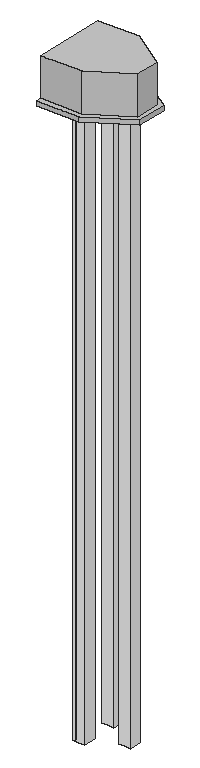
Revit family "BS_FM_Đài Móng - 3 cọc_TamGiac LT", category Structural Foundations, Revit 2019
Family settings
  Material for Model Behavior = Concrete
  Cap = No
  OmniClass Number = 23.25.05.11
  OmniClass Title = Foundation Piles
  Work Plane-Based = No
  Always vertical = Yes
  Cut with Voids When Loaded = No
  Shared = No
Parameters (values of type "1000 x 1000 x 900mm")
  h_BaoVe [instance] = 100 mm
  a3_BaoVe [instance] = 100 mm
  a2_BaoVe [instance] = 100 mm
  a1_BaoVe [instance] = 0 mm
  Y1 = Diameter + 250 mm  # 500 mm
  X1 = Diameter / 2 + 250 mm  # 375 mm
  X2 = (roundup(sqrt(KhoangCach2TimCoc ^ 2 - (KhoangCach2TimCoc / 2) ^ 2) / 10 mm)) * 10 mm  # 650 mm
  X = 600 mm
  Width = X2 + 2 * KhoangCachMepCoc + Diameter  # 1400 mm
  Structural Material [instance] = Concrete, Cast-in-Place gray
  Length = KhoangCach2TimCoc + 2 * KhoangCachMepCoc + Diameter  # 1500 mm
  L1 = X + Diameter  # 850 mm
  KhoangCachMepCoc = 250 mm
  KhoangCach2TimCoc = HeSoCoc * Diameter  # 750 mm
  HeSoCoc = 3
  Foundation Thickness = 800 mm
  Diameter = 250 mm
  Depth = 12000 mm
  Cut-off = 100 mm
  BS_Cọc Vuông = yes
  BS_Cọc Tròn = no
  BS_BeTongMong = @BS-BeTongCotThep
  BS_BeTongLot = @BS-BeTong
  BS_BeTongCoc = Steel, 45-345
  Assembly Code = "A1010130"
Reference planes
  plane 1 "Center (Front/Back)": y = 0
  plane 2: z = 0
  plane 3 "Center (Left/Right)": x = 50
  plane 4: x = -550
  plane 5: x = 300
  plane 6: y = 750
  plane 7: y = -750
  plane 8: z = -800
  plane 9: z = -700
  plane 10: z = -900
  plane 11: y = 375
  plane 12: y = -375
  plane 13 "2": y = 250
  plane 14 "3": y = -250
  plane 15: x = 1075
  plane 16: x = 700
Forms (mm)
  Extrusion 1, solid, material "@BS-BeTongCotThep" <- "BS_BeTongMong"
    sketch origin (0, 0, 0) x (1, 0, 0) y (0, 1, 0)
      loop
        line (-550, 750) -> (-550, -750) -> (300, -750) -> (1075, -250) -> (1075, 250) -> (300, 750) -> (-550, 750)
    from -800 to 0
  Extrusion 2, solid, material "@BS-BeTong" <- "BS_BeTongLot"
    sketch origin (0, 0, 0) x (1, 0, 0) y (0, 1, 0)
      loop
        line (-550, 850) -> (-550, -850) -> (329.459, -850) -> (1175, -304.489) -> (1175, 304.489) -> (329.459, 850) -> (-550, 850)
    from -900 to -800
Dimensions and locks
  "Foundation Thickness": plane 2 to plane 8
  "Cut-off": plane 9 to plane 8
  "a2_BaoVe": plane 7 to Extrusion 2 sketch curve
  "a2_BaoVe": Extrusion 2 sketch curve to plane 6
  "a1_BaoVe": Extrusion 2 sketch curve to plane 4
  "h_BaoVe": plane 10 to plane 8
  "KhoangCach2TimCoc": plane 11 to plane 12
  equal spacing: plane 11, plane 1 "Center (Front/Back)", plane 12
  equal spacing: plane 7, plane 1 "Center (Front/Back)", plane 6
  "Length": plane 6 to plane 7
  equal spacing: plane 14 "3", plane 1 "Center (Front/Back)", plane 13 "2"
  "Y1": plane 14 "3" to plane 13 "2"
  "X1": plane 16 to plane 15
  plane 5 to plane 16 = 400 mm
  "L1": plane 4 to plane 5
  "a3_BaoVe": Extrusion 2 sketch curve to Extrusion 1  (x2)
  "a3_BaoVe": Extrusion 1 to Extrusion 2 sketch curve
  "X2": plane 3 "Center (Left/Right)" to plane 16
  plane 4 to plane 15 = 1625 mm
  "X": plane 4 to plane 3 "Center (Left/Right)"
  aligned and locked: plane 4 to Extrusion 1 sketch curve
  aligned and locked: Extrusion 1 sketch curve to plane 6
  aligned and locked: plane 7 to Extrusion 1 sketch curve
  aligned and locked: level to Extrusion 1
  aligned and locked: Extrusion 1 to plane 8
  aligned and locked: Extrusion 2 to Extrusion 1
  aligned and locked: Extrusion 2 to plane 10
  aligned and locked: plane 15 to Extrusion 1 sketch curve  (x2)
  aligned and locked: plane 13 "2" to Extrusion 1 sketch curve
  aligned and locked: plane 14 "3" to Extrusion 1 sketch curve
  aligned and locked: plane 8 to nested 3
  aligned and locked: plane 8 to nested 2
  aligned and locked: plane 3 "Center (Left/Right)" to nested 2
  aligned and locked: plane 3 "Center (Left/Right)" to nested 1
  aligned and locked: nested 3 to plane 16
  aligned and locked: plane 1 "Center (Front/Back)" to nested 3
  aligned and locked: nested 1 to plane 11
  aligned and locked: nested 4 to plane 11
  aligned and locked: plane 1 "Center (Front/Back)" to nested 6
  aligned and locked: plane 3 "Center (Left/Right)" to nested 4
  aligned and locked: plane 3 "Center (Left/Right)" to nested 5
  aligned and locked: nested 6 to plane 16
  aligned and locked: nested 5 to plane 12
  aligned and locked: nested 2 to plane 12
  aligned and locked: plane 8 to nested 6
  aligned and locked: plane 8 to nested 4
  aligned and locked: plane 8 to nested 1
  aligned and locked: plane 8 to nested 5
Automatic sketch dimensions
  Extrusion 1 sketch curve to plane 5 = 0 mm  (x2)
Nested families
  nested 1: "BS_FM_Pile-Cọc Tròn" at (50, 375, -800), Minimum Embedment <- "Cut-off", Diameter <- "Diameter", Depth <- "Depth", visible <- "BS_Cọc Tròn", Structural Material <- "BS_BeTongCoc", type "300mm Diameter"
    with Structural Material Steel, 45-345, Radius 125 mm, Minimum Embedment 100 mm, Diameter 250 mm, Depth 12000 mm
  nested 2: "BS_FM_Pile-Cọc Tròn" at (50, -375, -800), Minimum Embedment <- "Cut-off", Diameter <- "Diameter", Depth <- "Depth", visible <- "BS_Cọc Tròn", Structural Material <- "BS_BeTongCoc", type "300mm Diameter"
    with Structural Material Steel, 45-345, Radius 125 mm, Minimum Embedment 100 mm, Diameter 250 mm, Depth 12000 mm
  nested 3: "BS_FM_Pile-Cọc Tròn" at (700, 0, -800), Minimum Embedment <- "Cut-off", Diameter <- "Diameter", Depth <- "Depth", visible <- "BS_Cọc Tròn", Structural Material <- "BS_BeTongCoc", type "300mm Diameter"
    with Structural Material Steel, 45-345, Radius 125 mm, Minimum Embedment 100 mm, Diameter 250 mm, Depth 12000 mm
  nested 4: "BS_FM_Pile-Cọc Vuông" at (50, 375, -800), Minimum Embedment <- "Cut-off", Diameter <- "Diameter", Depth <- "Depth", visible <- "BS_Cọc Vuông", Structural Material <- "BS_BeTongCoc", type "300mm Diameter"
    with Structural Material Steel, 45-345, Radius 125 mm, Minimum Embedment 100 mm, Diameter 250 mm, Depth 12000 mm
  nested 5: "BS_FM_Pile-Cọc Vuông" at (50, -375, -800), Minimum Embedment <- "Cut-off", Diameter <- "Diameter", Depth <- "Depth", visible <- "BS_Cọc Vuông", Structural Material <- "BS_BeTongCoc", type "300mm Diameter"
    with Structural Material Steel, 45-345, Radius 125 mm, Minimum Embedment 100 mm, Diameter 250 mm, Depth 12000 mm
  nested 6: "BS_FM_Pile-Cọc Vuông" at (700, 0, -800), Minimum Embedment <- "Cut-off", Diameter <- "Diameter", Depth <- "Depth", visible <- "BS_Cọc Vuông", Structural Material <- "BS_BeTongCoc", type "300mm Diameter"
    with Structural Material Steel, 45-345, Radius 125 mm, Minimum Embedment 100 mm, Diameter 250 mm, Depth 12000 mm
Definition of nested family "BS_FM_Pile-Cọc Tròn"
  Parameters (values of type "600mm Diameter")
    Structural Material [instance] = none
    Radius [instance] = Diameter / 2  # 300 mm
    Minimum Embedment [instance] = 152 mm
    Diameter [instance] = 600 mm
    Depth [instance] = 6000 mm
    Assembly Code = "A1020130"
  Types (4): name
    600mm Diameter
    300mm Diameter
    400mm Diameter
    500mm Diameter
  Reference planes
    plane 1 "Center (Front/Back)": y = 0
    plane 2: z = 0
    plane 3 "Center (Left/Right)": x = 0
    plane 4: z = -6000
    plane 5: z = 152
  Forms (mm)
    Extrusion 1, solid, material <- "Structural Material"
      sketch origin (0, 0, 0) x (1, 0, 0) y (0, 1, 0)
        loop
          circle (0, 0) r 300
      from -6000 to 152
  Dimensions and locks
    "Depth": plane 2 to plane 4
    "Minimum Embedment": plane 5 to plane 2
    "Radius": radius of Extrusion 1 sketch curve
    aligned and locked: Extrusion 1 to plane 4
    aligned and locked: Extrusion 1 to plane 5
    aligned and locked: plane 1 "Center (Front/Back)" to nested 1
    aligned and locked: plane 3 "Center (Left/Right)" to nested 1
  Automatic sketch dimensions
    plane 1 "Center (Front/Back)" to Extrusion 1 sketch curve = 0 mm
    Extrusion 1 sketch curve to plane 3 "Center (Left/Right)" = 0 mm
  Nested families
    nested 1: "BS_LINE_TimCoc" at (0, 0, 0), type "BS_LINE_TimCoc"
      with LINE 700 mm, DK 600 mm
  Definition of nested family "BS_LINE_TimCoc"
    Parameters (values of type "BS_LINE_TimCoc")
      LINE = DK + 100 mm  # 780 mm
      DK = 680 mm
    Reference planes
      plane 1 "Center (Front/Back)": y = 0
      plane 2: z = 0
      plane 3 "Center (Left/Right)": x = 0
    Lines and regions (mm)
      detail lines, in view "Ref. Level", not visible
        curve 1: circle (0, 0, 0) r 340 normal (0, 0, 1)
      detail lines, in view "Ref. Level"
        curve 2: line (-390, 0, 0) -> (390, 0, 0)
        curve 3: line (0, 390, 0) -> (0, -390, 0)
    Dimensions and locks
      equal spacing: curve 2, plane 3 "Center (Left/Right)", curve 2
      equal spacing: curve 3, plane 1 "Center (Front/Back)", curve 3
      "LINE": curve 3 to curve 3
      "LINE": curve 2 to curve 2
      "DK": diameter of curve 1
    Automatic sketch dimensions
      curve 3 to plane 3 "Center (Left/Right)" = 0 mm
      plane 1 "Center (Front/Back)" to curve 1 = 0 mm
      curve 1 to plane 3 "Center (Left/Right)" = 0 mm
      plane 1 "Center (Front/Back)" to curve 2 = 0 mm
Definition of nested family "BS_FM_Pile-Cọc Vuông"
  Parameters (values of type "600mm Diameter")
    Structural Material [instance] = none
    Radius [instance] = Diameter / 2  # 125 mm
    Minimum Embedment [instance] = 150 mm
    Diameter [instance] = 250 mm
    Depth [instance] = 6000 mm
    Assembly Code = "A1020130"
  Types (6, lengths in mm): name | Radius | Diameter
    600mm Diameter | 125 | 250
    200mm Diameter | 300 | 600
    250mm Diameter | 300 | 600
    300mm Diameter | 300 | 600
    400mm Diameter | 300 | 600
    500mm Diameter | 300 | 600
  Reference planes
    plane 1 "Center (Front/Back)": y = 0
    plane 2: z = 0
    plane 3 "Center (Left/Right)": x = 0
    plane 4: z = -6000
    plane 5: z = 150
  Forms (mm)
    Extrusion 1, solid, material <- "Structural Material"
      sketch origin (0, 0, 0) x (1, 0, 0) y (0, 1, 0)
        loop
          line (-125, -125) -> (125, -125) -> (125, 125) -> (-125, 125) -> (-125, -125)
      from -6000 to 150
  Dimensions and locks
    "Depth": plane 2 to plane 4
    "Minimum Embedment": plane 5 to plane 2
    equal spacing: Extrusion 1 sketch curve, plane 3 "Center (Left/Right)", Extrusion 1 sketch curve
    "Diameter": Extrusion 1 sketch curve to Extrusion 1 sketch curve  (x2)
    equal spacing: Extrusion 1 sketch curve, plane 1 "Center (Front/Back)", Extrusion 1 sketch curve
    aligned and locked: Extrusion 1 to plane 4
    aligned and locked: Extrusion 1 to plane 5
    aligned and locked: plane 3 "Center (Left/Right)" to nested 1
    aligned and locked: plane 1 "Center (Front/Back)" to nested 1  (x2)
    aligned and locked: nested 1 to plane 3 "Center (Left/Right)"
  Nested families
    nested 1: "BS_Line_TimCoc" at (0, 0, 0), type "BS_Line_TimCoc"
      with LINE 350 mm, DK 250 mm
  Definition of nested family "BS_Line_TimCoc"
    Parameters (values of type "BS_Line_TimCoc")
      LINE = DK + 100 mm  # 780 mm
      DK = 680 mm
    Reference planes
      plane 1 "Center (Front/Back)": y = 0
      plane 2: z = 0
      plane 3 "Center (Left/Right)": x = 0
    Lines and regions (mm)
      detail lines, in view "Ref. Level", not visible
        curve 1: circle (0, 0, 0) r 340 normal (0, 0, 1)
      detail lines, in view "Ref. Level"
        curve 2: line (-390, 0, 0) -> (390, 0, 0)
        curve 3: line (0, 390, 0) -> (0, -390, 0)
    Dimensions and locks
      equal spacing: curve 2, plane 3 "Center (Left/Right)", curve 2
      equal spacing: curve 3, plane 1 "Center (Front/Back)", curve 3
      "LINE": curve 3 to curve 3
      "LINE": curve 2 to curve 2
      "DK": diameter of curve 1
    Automatic sketch dimensions
      curve 3 to plane 3 "Center (Left/Right)" = 0 mm
      plane 1 "Center (Front/Back)" to curve 1 = 0 mm
      curve 1 to plane 3 "Center (Left/Right)" = 0 mm
      plane 1 "Center (Front/Back)" to curve 2 = 0 mm
